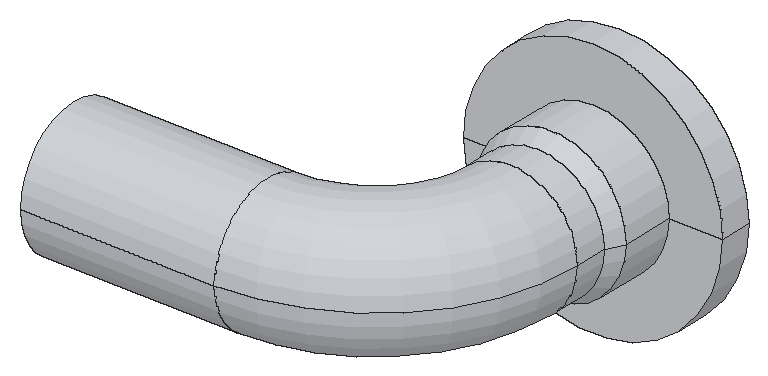
Revit family "e55a6dc481d948889142d87e41e74f04", category Pipe Fittings, Revit 2021
Family settings
  Round Connector Dimension = Use Radius
  Part Type = Elbow
  OmniClass Number = 23.60.30.11.14
  OmniClass Title = Pipework Fittings
  Seek Item ID = Elbow - Threaded - MI - Class 300-0000-USA-ENU
  Work Plane-Based = No
  Always vertical = Yes
  Cut with Voids When Loaded = No
  Shared = No
Parameters (values of type "Standard")
  Tick Size [instance] = Fitting Outside Diameter * 0.4  # 1.5840"
  Socket Outside Radius [instance] = Socket Outside Diameter / 2  # 2.2400"
  Socket Outside Diameter [instance] = size_lookup(Lookup Table Name, "SOD", 1.08 * Nominal Diameter + 1.1200", Nominal Diameter)  # 4.4800"
  Socket Depth [instance] = if(Nominal Diameter < 14.0000", 2.5000", if(Nominal Diameter < 30.0000", 3.5000", 4.0000"))  # 2.5000"
  Lookup Table Name = "Bend - MJ x PE - DI - Class 350"
  Length 5 [instance] = Length 4 + Bevel Length + Socket Depth  # 4.0000"
  Length 4 [instance] = Center to Socket Bottom 1 - Bevel Length - Length 1  # 0.9800"
  Length 3 [instance] = sin(Angle) * (Center to Socket Bottom 1 + Socket Depth)  # 8.0000"
  Length 2 [instance] = cos(Angle) * (Center to Socket Bottom 1 + Socket Depth)  # 0.0000"
  Length 1 [instance] = tan(Angle / 2) * Center Radius  # 4.0000"
  Fitting Outside Radius [instance] = Fitting Outside Diameter / 2  # 1.9800"
  Fitting Outside Diameter [instance] = size_lookup(Lookup Table Name, "FOD", 1.04 * Nominal Diameter + 0.7000", Nominal Diameter)  # 3.9600"
  Nominal Radius [instance] = 1.5000"
  Nominal Diameter [instance] = Nominal Radius * 2  # 3.0000"
  Loss Method = K Coefficient from Table
  K Coefficient Table = "Long Radius Elbow"
  Default Elevation = 0.0000"
  Bevel Length [instance] = size_lookup(Lookup Table Name, "BvLgt", 0.04 * Nominal Diameter + 0.4300", Nominal Diameter)  # 0.5200"
  Center to Socket Bottom 2 [instance] = size_lookup(Lookup Table Name, "CtSB2", sin(Angle) * (0.75 * Nominal Diameter + 3.2500"), Nominal Diameter, Angle)  # 9.7500"
  Center to Socket Bottom 1 [instance] = size_lookup(Lookup Table Name, "CtSB1", Center to Socket Bottom 1 Not Found, Nominal Diameter, Angle)  # 5.5000"
  Center to Socket Bottom 1 Not Found [instance] = tan(Angle / 2) * Center Radius + Bevel Length + Socket Depth  # 7.0200"
  Center Radius [instance] = size_lookup(Lookup Table Name, "CRad", 0.69 * Nominal Diameter + 1.8100", Nominal Diameter, Angle)  # 4.0000"
  Gland Width [instance] = size_lookup(Lookup Table Name, "GWid", 0.03 * Nominal Diameter + 0.9400", Nominal Diameter)  # 0.9400"
  Gland Outside Radius [instance] = Gland Outside Diameter / 2  # 3.8450"
  Gland Outside Diameter [instance] = size_lookup(Lookup Table Name, "GOD", 1.16 * Nominal Diameter + 4.0300", Nominal Diameter)  # 7.6900"
  Assembly Code = ""
  Angle [instance] = 90.00°
Reference planes (in)
  plane 1 "Center (Front/Back)": y = 0
  plane 2: z = 0
  plane 3 "Center (Left/Right)": x = 0
  plane 4: x = -4
  plane 5: y = 4
  plane 6: y = 1.584
  plane 7: y = -1.584
  plane 8: x = 0
  plane 9: y = 8
  plane 10: x = -9.75
Forms (in)
  Sweep 1, solid, detail levels fine
    path in 3D
      loop
        arc (-4, 0, 0) -> (-1.17157, 1.17157, 0) -> (0, 4, 0) r 4
    profile origin (-1.17157, 1.17157, 0) x (-0.707107, 0.707107, 0) y (0, 0, 1)
      loop
        circle (0, 0) r 1.98
  Revolve 2, solid, detail levels fine
    sketch origin (0, 8, 0) x (0, -1, 0) y (1, 0, 0)
      loop
        line (0, 0) -> (0, -3.845) -> (0.94, -3.845) -> (0.94, -2.24) -> (2.5, -2.24) -> (3.02, -1.98) -> (4, -1.98) -> (4, 0) -> (0, 0)
      axis (0, 0) -> (4, 0)
    angle from 0 to 360
  Extrusion 3, solid, detail levels fine
    sketch origin (0, 0, 0) x (0, 1, 0) y (0, 0, 1)
      loop
        circle (0, 0) r 1.98
    from -9.75 to -4
Cuts and joins
  joined: Sweep 1, Revolve 2, Extrusion 3
Lines and regions (in)
  model lines, style "PipeFitting", detail levels coarse+medium
    curve 1: line (-9.75, 0, 0) -> (-4, 0, 0)
    curve 2: arc (-4, 0, 0) -> (-1.17157, 1.17157, 0) -> (0, 4, 0) r 4
    curve 3: line (0, 4, 0) -> (0, 8, 0)
  sketch lines
    curve 4: arc (-4, 0, 0) -> (-1.17157, 1.17157, 0) -> (0, 4, 0) r 4
  model lines, detail levels coarse+medium
    curve 5: line (-9.75, 0, 0) -> (-9.75, 1.584, 0)
    curve 6: line (-9.75, 0, 0) -> (-9.75, -1.584, 0)
    curve 7: line (0, 8, 0) -> (-1.584, 8, 0)
    curve 8: line (0, 8, 0) -> (1.584, 8, 0)
  reference lines, not visible
    curve 9: line (0, 8, 0) -> (0, 0.68528, 0)
Dimensions and locks (in)
  "Center Radius": plane 5 to plane 1 "Center (Front/Back)"
  "Tick Size": plane 6 to plane 1 "Center (Front/Back)"
  "Tick Size": plane 7 to plane 1 "Center (Front/Back)"
  "Tick Size": curve 7 to curve 7
  "Tick Size": curve 8 to curve 8
  "Socket Outside Radius": Revolve 2 sketch curve to Revolve 2 sketch curve
  "Gland Width": Revolve 2 sketch curve to Revolve 2 sketch curve
  "Fitting Outside Radius": Revolve 2 sketch curve to Revolve 2 sketch curve
  "Gland Outside Radius": Revolve 2 sketch curve to Revolve 2 sketch curve
  "Socket Depth": Revolve 2 sketch curve to Revolve 2 sketch curve
  "Length 1": plane 4 to plane 3 "Center (Left/Right)"
  "Length 3": plane 9 to plane 1 "Center (Front/Back)"
  "Center to Socket Bottom 2": plane 10 to plane 3 "Center (Left/Right)"
  "Length 2": plane 3 "Center (Left/Right)" to plane 8
  "Length 5": Revolve 2 sketch curve to Revolve 2 sketch curve
  "Length 4": Revolve 2 sketch curve to Revolve 2 sketch curve
  "Center Radius": radius of curve 2
  "Fitting Outside Radius": radius of Sweep 1 sketch curve
  "Fitting Outside Radius": radius of Extrusion 3 sketch curve
  "Angle": angle curve 2 to curve 2
  "Angle": angle plane 1 "Center (Front/Back)" to curve 3
  locked: curve 8 to curve 3 (angle 90.00°)
  locked: curve 3 to curve 7 (angle 90.00°)
  "Angle": angle plane 9 to curve 9
  aligned and locked: plane 4 to curve 2
  aligned and locked: plane 6 to curve 5
  aligned and locked: plane 1 "Center (Front/Back)" to curve 6
  aligned and locked: plane 7 to curve 6
  aligned and locked: plane 8 to curve 9
  aligned and locked: plane 9 to curve 9
  aligned and locked: Revolve 2 sketch curve to curve 9
  aligned and locked: curve 6 to plane 10
  aligned and locked: plane 1 "Center (Front/Back)" to Extrusion 3 sketch curve
  aligned and locked: plane 2 to Extrusion 3 sketch curve
  aligned and locked: Extrusion 3 to plane 10
  aligned and locked: plane 4 to Extrusion 3
Automatic sketch dimensions
  Sweep 1 sketch curve to profile plane = 0.0000"  (x2)
  curve 3 to plane 9 = 0.0000"
  Revolve 2 sketch curve to curve 9 = 0.0000"  (x2)
  Revolve 2 sketch curve to Revolve 2 sketch curve = 1.0000"
  Revolve 2 sketch curve to Revolve 2 sketch curve = 0.78127"
Connectors (in)
  piping at (-9.75, 0, 0), diameter 3, driven by "Nominal Radius", driven by "Angle"
    settings: on Extrusion 3, index 1, connector inside diameter 3.0000", connector length 0.0000", flow factor 0, pipe flow 0 GPM, pressure drop 0.00 psi, fitting loss kfactor 0, connector angle 90.00°, fixture units 0, engagement length 0.0000", angle of deflection 0.00°, flow configuration 0, flow direction 0, fitting loss method 0, system type 28, joint type 0, gender type 0, connector reference index 2, connector utility 0, adjustable connector no, is connector primary yes, connector description ""
  piping at (0, 8, 0), diameter 3, driven by "Nominal Radius", driven by "Angle"
    settings: on cut or joined group of Sweep 1, Revolve 2, Extrusion 3, index 2, connector inside diameter 3.0000", connector length 0.0000", flow factor 0, pipe flow 0 GPM, pressure drop 0.00 psi, fitting loss kfactor 0, connector angle 90.00°, fixture units 0, engagement length 0.0000", angle of deflection 0.00°, flow configuration 0, flow direction 0, fitting loss method 0, system type 28, joint type 0, gender type 0, connector reference index 1, connector utility 0, adjustable connector no, is connector primary no, connector description ""
